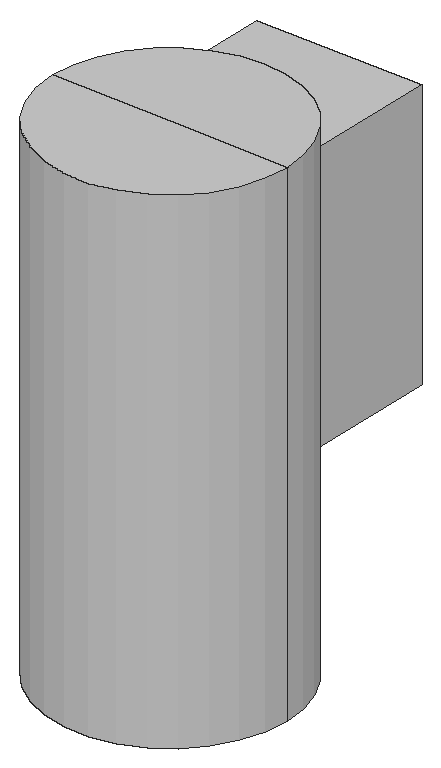
Revit family "WALL SINGLE TUBE 01_AM10W.1.24", category Luminarias, Revit 2019
Family settings
  Cota de conector redondo = Diámetro de uso
  Tipo de pieza = Normal
  Se basa en plano de trabajo = Sí
  Siempre vertical = No
  Corte con vacíos al cargar = No
  Origen de luz = Sí
  Compartido = No
  Punto de cálculo de habitación = No
Parameters (values of type "WALL SINGLE TUBE 01_AM10W.1.24")
  Ángulo de inclinación = 60.00°
  Zone [instance] = ""
  Watt per fixture = 13.1
  Wattage = 13.1 W
  built-in parameter 1150107 = 3000 (stored number, unit not read)
  built-in parameter 1150110 = 1 (stored number, unit not read)
  built-in parameter 1150109 = 1 (stored number, unit not read)
  built-in parameter 1150112 = 1 (stored number, unit not read)
  built-in parameter 1150113 = 1 (stored number, unit not read)
  built-in parameter 1114218 = 1 (stored number, unit not read)
  Keynote = ""
  built-in parameter 1150137 = (empty or 0)
  built-in parameter 1150132 = (empty or 0)
  Modelo = "AM10W.1.24"
  Lámpara = "NICHIA"
  built-in parameter 1150105 = 93.103 (stored number, unit not read)
  built-in parameter 1150102 = (empty or 0)
  built-in parameter 1150106 = 0.93103 (stored number, unit not read)
  Lumens = 1169.96 lm
  Color Filter = 16777215
  built-in parameter 1114217 = 1 (stored number, unit not read)
  built-in parameter 1150139 = (empty or 0)
  Fabricante = "BRILLANT"
  Default Elevation = 0 mm
  built-in parameter 1150104 = 8.2972 (stored number, unit not read)
  Descripción = "LUMINARIA DIRIGIBLE EN FORMA TUBULAR TIPO ARBOTANTE, DE MATERIAL EN ALEACION DE ALUMINIO EXTRUIDO CON UN PESO DE 1.2KG, CON 1 LED TIPO NICHIA CON UNA POTENCIA TOTAL DE 13.1W, 1170 LUMENES, TEMPERATURA EN BLANCO CALIDO 3000K, IRC 80, IP 65, IK10, APERTURA DE  24 GRADOS EN STOCK, CORRIENTE DE OPERACIÓN 112mA, CABLE DE 0.3M, ALIMENTADO A 100-277VAC"
  built-in parameter 1150115 = 1 (stored number, unit not read)
  built-in parameter 1150114 = 1 (stored number, unit not read)
  Comentarios de vataje = "100-277V"
  built-in parameter 1150138 = (empty or 0)
  built-in parameter 1150134 = (empty or 0)
  Circuit [instance] = ""
  Dimming Lamp Color Temperature Shift = (empty or 0)
  Archivo de red fotométrica = "AM10W.1_24º.IES"
  built-in parameter 1150133 = 10 (stored number, unit not read)
Reference planes
  plane 1 "Centro (Frontal/Posterior)": y = 0
  plane 2: z = 0
  plane 3 "Centro (Izquierda/Derecha)": x = 0
Forms (mm)
  Revolve 1, solid, material "Cristal", not visible
    sketch origin (-152, 0, 0) x (0, 1, 0) y (0, 0, -1)
      loop
        line (0, -8.749) -> (0, -7.25) -> (-1.499, -7.25)
        arc (-1.499, -7.25) -> (-1.06, -8.31) -> (0, -8.749) r 1.499
      axis (0, -7.25) -> (-1.499, -7.25)
    angle from 0 to 360
  Revolve 2, solid, material "Cristal", not visible
    sketch origin (-136, 0, 0) x (0, 1, 0) y (0, 0, -1)
      loop
        line (0, -8.749) -> (0, -7.25) -> (-1.499, -7.25)
        arc (-1.499, -7.25) -> (-1.06, -8.31) -> (0, -8.749) r 1.499
      axis (0, -7.25) -> (-1.499, -7.25)
    angle from 0 to 360
  Revolve 3, solid, material "Cristal", not visible
    sketch origin (-120, 0, 0) x (0, 1, 0) y (0, 0, -1)
      loop
        line (0, -8.749) -> (0, -7.25) -> (-1.499, -7.25)
        arc (-1.499, -7.25) -> (-1.06, -8.31) -> (0, -8.749) r 1.499
      axis (0, -7.25) -> (-1.499, -7.25)
    angle from 0 to 360
  Revolve 4, solid, material "Cristal", not visible
    sketch origin (-104, 0, 0) x (0, 1, 0) y (0, 0, -1)
      loop
        line (0, -8.749) -> (0, -7.25) -> (-1.499, -7.25)
        arc (-1.499, -7.25) -> (-1.06, -8.31) -> (0, -8.749) r 1.499
      axis (0, -7.25) -> (-1.499, -7.25)
    angle from 0 to 360
  Revolve 5, solid, material "Cristal", not visible
    sketch origin (-88, 0, 0) x (0, 1, 0) y (0, 0, -1)
      loop
        line (0, -8.749) -> (0, -7.25) -> (-1.499, -7.25)
        arc (-1.499, -7.25) -> (-1.06, -8.31) -> (0, -8.749) r 1.499
      axis (0, -7.25) -> (-1.499, -7.25)
    angle from 0 to 360
  Revolve 6, solid, material "Cristal", not visible
    sketch origin (-72, 0, 0) x (0, 1, 0) y (0, 0, -1)
      loop
        line (0, -8.749) -> (0, -7.25) -> (-1.499, -7.25)
        arc (-1.499, -7.25) -> (-1.06, -8.31) -> (0, -8.749) r 1.499
      axis (0, -7.25) -> (-1.499, -7.25)
    angle from 0 to 360
  Revolve 7, solid, material "Cristal", not visible
    sketch origin (-56, 0, 0) x (0, 1, 0) y (0, 0, -1)
      loop
        line (0, -8.749) -> (0, -7.25) -> (-1.499, -7.25)
        arc (-1.499, -7.25) -> (-1.06, -8.31) -> (0, -8.749) r 1.499
      axis (0, -7.25) -> (-1.499, -7.25)
    angle from 0 to 360
  Revolve 8, solid, material "Cristal", not visible
    sketch origin (-40, 0, 0) x (0, 1, 0) y (0, 0, -1)
      loop
        line (0, -8.749) -> (0, -7.25) -> (-1.499, -7.25)
        arc (-1.499, -7.25) -> (-1.06, -8.31) -> (0, -8.749) r 1.499
      axis (0, -7.25) -> (-1.499, -7.25)
    angle from 0 to 360
  Revolve 9, solid, material "Cristal", not visible
    sketch origin (-24, 0, 0) x (0, 1, 0) y (0, 0, -1)
      loop
        line (0, -8.749) -> (0, -7.25) -> (-1.499, -7.25)
        arc (-1.499, -7.25) -> (-1.06, -8.31) -> (0, -8.749) r 1.499
      axis (0, -7.25) -> (-1.499, -7.25)
    angle from 0 to 360
  Revolve 10, solid, material "Cristal", not visible
    sketch origin (-8, 0, 0) x (0, 1, 0) y (0, 0, -1)
      loop
        line (0, -8.749) -> (0, -7.25) -> (-1.499, -7.25)
        arc (-1.499, -7.25) -> (-1.06, -8.31) -> (0, -8.749) r 1.499
      axis (0, -7.25) -> (-1.499, -7.25)
    angle from 0 to 360
  Revolve 11, solid, material "Cristal", not visible
    sketch origin (8, 0, 0) x (0, 1, 0) y (0, 0, -1)
      loop
        line (0, -8.749) -> (0, -7.25) -> (-1.499, -7.25)
        arc (-1.499, -7.25) -> (-1.06, -8.31) -> (0, -8.749) r 1.499
      axis (0, -7.25) -> (-1.499, -7.25)
    angle from 0 to 360
  Revolve 12, solid, material "Cristal", not visible
    sketch origin (24, 0, 0) x (0, 1, 0) y (0, 0, -1)
      loop
        line (0, -8.749) -> (0, -7.25) -> (-1.499, -7.25)
        arc (-1.499, -7.25) -> (-1.06, -8.31) -> (0, -8.749) r 1.499
      axis (0, -7.25) -> (-1.499, -7.25)
    angle from 0 to 360
  Revolve 13, solid, material "Cristal", not visible
    sketch origin (40, 0, 0) x (0, 1, 0) y (0, 0, -1)
      loop
        line (0, -8.749) -> (0, -7.25) -> (-1.499, -7.25)
        arc (-1.499, -7.25) -> (-1.06, -8.31) -> (0, -8.749) r 1.499
      axis (0, -7.25) -> (-1.499, -7.25)
    angle from 0 to 360
  Revolve 14, solid, material "Cristal", not visible
    sketch origin (56, 0, 0) x (0, 1, 0) y (0, 0, -1)
      loop
        line (0, -8.749) -> (0, -7.25) -> (-1.499, -7.25)
        arc (-1.499, -7.25) -> (-1.06, -8.31) -> (0, -8.749) r 1.499
      axis (0, -7.25) -> (-1.499, -7.25)
    angle from 0 to 360
  Revolve 15, solid, material "Cristal", not visible
    sketch origin (72, 0, 0) x (0, 1, 0) y (0, 0, -1)
      loop
        line (0, -8.749) -> (0, -7.25) -> (-1.499, -7.25)
        arc (-1.499, -7.25) -> (-1.06, -8.31) -> (0, -8.749) r 1.499
      axis (0, -7.25) -> (-1.499, -7.25)
    angle from 0 to 360
  Revolve 16, solid, material "Cristal", not visible
    sketch origin (88, 0, 0) x (0, 1, 0) y (0, 0, -1)
      loop
        line (0, -8.749) -> (0, -7.25) -> (-1.499, -7.25)
        arc (-1.499, -7.25) -> (-1.06, -8.31) -> (0, -8.749) r 1.499
      axis (0, -7.25) -> (-1.499, -7.25)
    angle from 0 to 360
  Revolve 17, solid, material "Cristal", not visible
    sketch origin (104, 0, 0) x (0, 1, 0) y (0, 0, -1)
      loop
        line (0, -8.749) -> (0, -7.25) -> (-1.499, -7.25)
        arc (-1.499, -7.25) -> (-1.06, -8.31) -> (0, -8.749) r 1.499
      axis (0, -7.25) -> (-1.499, -7.25)
    angle from 0 to 360
  Revolve 18, solid, material "Cristal", not visible
    sketch origin (120, 0, 0) x (0, 1, 0) y (0, 0, -1)
      loop
        line (0, -8.749) -> (0, -7.25) -> (-1.499, -7.25)
        arc (-1.499, -7.25) -> (-1.06, -8.31) -> (0, -8.749) r 1.499
      axis (0, -7.25) -> (-1.499, -7.25)
    angle from 0 to 360
  Revolve 19, solid, material "Cristal", not visible
    sketch origin (136, 0, 0) x (0, 1, 0) y (0, 0, -1)
      loop
        line (0, -8.749) -> (0, -7.25) -> (-1.499, -7.25)
        arc (-1.499, -7.25) -> (-1.06, -8.31) -> (0, -8.749) r 1.499
      axis (0, -7.25) -> (-1.499, -7.25)
    angle from 0 to 360
  Revolve 20, solid, material "Cristal", not visible
    sketch origin (152, 0, 0) x (0, 1, 0) y (0, 0, -1)
      loop
        line (0, -8.749) -> (0, -7.25) -> (-1.499, -7.25)
        arc (-1.499, -7.25) -> (-1.06, -8.31) -> (0, -8.749) r 1.499
      axis (0, -7.25) -> (-1.499, -7.25)
    angle from 0 to 360
  Revolve 21, solid, material "Acero Inoxidable"
    sketch origin (0, -72, 120.325) x (-1, 0, 0) y (0, 0, 1)
      loop
        line (0, 48.675) -> (-40, 48.675) -> (-40, -120.325) -> (-39.2, -120.325) -> (-39.2, -119.441) -> (-38.399, -119.441) -> (-38.399, -120.325) -> (-33.59, -120.325) -> (-33.59, -119.453)
        arc (-33.59, -119.453) -> (-23.278, -112.244) -> (-11.124, -108.997) r 36.226
        line (-11.124, -108.997) -> (0, -108.997) -> (0, 48.675)
      axis (0, 48.675) -> (0, -120.325)
    angle from 0 to 360
  Extrusion 22, solid, material "Cristal"
    sketch origin (0, 19.494, 0) x (1, 0, 0) y (0, 1, 0)
      loop
        circle (0, -91.494) r 33.59
    from 0 to 0.872
  Extrusion 23, solid, material "Acero Inoxidable"
    sketch origin (0, 0, 0) x (1, 0, 0) y (0, 1, 0)
      loop
        line (-28, 0) -> (-28, -43.434)
        arc (-28, -43.434) -> (0, -32) -> (28, -43.434) r 40
        line (28, -43.434) -> (28, 0) -> (-28, 0)
    from 66.772 to 158.395
  Extrusion 24, void
    sketch origin (0, 0, 0) x (1, 0, 0) y (0, 1, 0)
      loop
        circle (0, -35.958) r 1.283
      loop
        circle (0, -108.042) r 1.283
      loop
        circle (36.019, -72) r 1.283
      loop
        circle (-36.019, -72) r 1.283
    from 0 to 1.671
  Extrusion 25, solid, material "Acero Inoxidable"
    sketch origin (0, 0, 0) x (1, 0, 0) y (0, 1, 0)
      loop
        circle (0, -35.958) r 1.084
      loop
        line (-0.79, -35.958) -> (-0.395, -36.642) -> (0.395, -36.642) -> (0.79, -35.958) -> (0.395, -35.274) -> (-0.395, -35.274) -> (-0.79, -35.958)
      loop
        circle (36.019, -72) r 1.084
      loop
        line (35.229, -72) -> (35.624, -72.684) -> (36.414, -72.684) -> (36.809, -72) -> (36.414, -71.316) -> (35.624, -71.316) -> (35.229, -72)
      loop
        circle (-0.023, -108.042) r 1.084
      loop
        line (-0.813, -108.042) -> (-0.418, -108.726) -> (0.372, -108.726) -> (0.767, -108.042) -> (0.372, -107.358) -> (-0.418, -107.358) -> (-0.813, -108.042)
      loop
        circle (-36.019, -72) r 1.084
      loop
        line (-36.809, -72) -> (-36.414, -72.684) -> (-35.624, -72.684) -> (-35.229, -72) -> (-35.624, -71.316) -> (-36.414, -71.316) -> (-36.809, -72)
    from 0 to 1.671
  Extrusion 26, void
    sketch origin (0, 0, 0) x (1, 0, 0) y (0, 1, 0)
      loop
        circle (-14.364, -17.208) r 3.469
      loop
        circle (14.364, -17.208) r 3.469
    from 66.772 to 70.128
  Extrusion 27, solid, material "Aluminio"
    sketch origin (0, 0, 0) x (1, 0, 0) y (0, 1, 0)
      loop
        circle (-14.364, -17.208) r 3.271
      loop
        line (-16.787, -16.804) -> (-16.787, -17.613) -> (-14.764, -17.613) -> (-14.764, -19.632) -> (-13.964, -19.632) -> (-13.964, -17.613) -> (-11.941, -17.613) -> (-11.941, -16.804) -> (-13.964, -16.804) -> (-13.964, -14.785) -> (-14.764, -14.785) -> (-14.764, -16.804) -> (-16.787, -16.804)
      loop
        circle (14.364, -17.208) r 3.271
      loop
        line (11.941, -16.804) -> (11.941, -17.613) -> (13.964, -17.613) -> (13.964, -19.632) -> (14.764, -19.632) -> (14.764, -17.613) -> (16.787, -17.613) -> (16.787, -16.804) -> (14.764, -16.804) -> (14.764, -14.785) -> (13.964, -14.785) -> (13.964, -16.804) -> (11.941, -16.804)
    from 66.772 to 70.128
Cuts and joins
  Extrusion 24 cuts Revolve 21
  Extrusion 26 cuts Extrusion 23
Lines and regions (mm)
  model lines
    curve 1: line (0, 0, 0) -> (0, -112, 0)
Dimensions and locks
  equal spacing: Extrusion 23 sketch curve, plane 3 "Centro (Izquierda/Derecha)", Extrusion 23 sketch curve
  Extrusion 23 sketch curve to plane 3 "Centro (Izquierda/Derecha)" = 28 mm
  Extrusion 23 sketch curve to Extrusion 23 sketch curve = 56 mm
  Extrusion 23 to Extrusion 23 = 56 mm
  Extrusion 23 to Extrusion 23 = 91.623 mm
  aligned and locked: level to plane 2
  aligned and locked: Extrusion 22 to level
Connectors
  electrical at (0, 0, 112.583)
    settings: on cut or joined group of Extrusion 23, Extrusion 26, index 1, voltage 277 V, apparent load 0 VA, apparent load phase1 0 VA, apparent load phase2 0 VA, apparent load phase3 0 VA, power factor 1, load classification "Otro", number of poles 1, system type 31, power factor state 1, is connector primary yes, connector utility no, sub classification motor no, connector description ""
